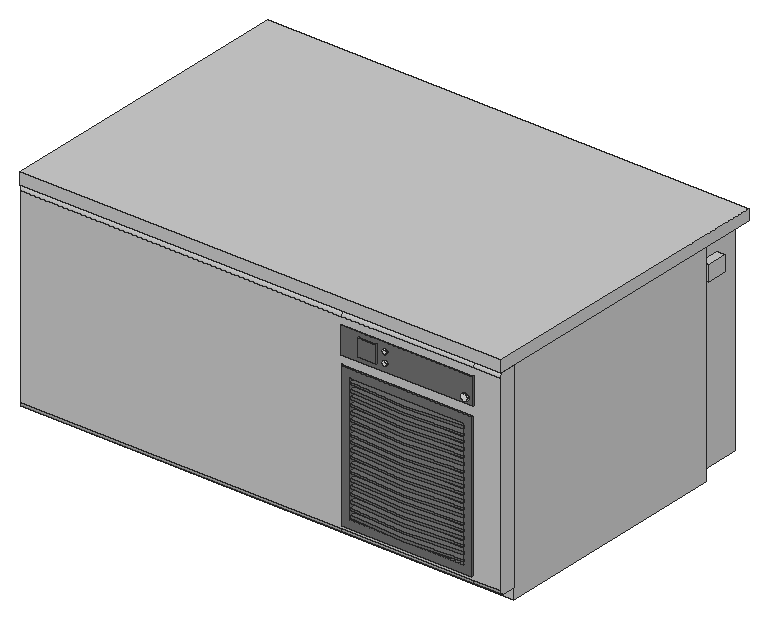
Revit family "QF_HOSHIZAKI_IM-240DWNE-21", category Specialty Equipment, Revit 2016
Family settings
  Part Type = Normal
  Round Connector Dimension = Use Diameter
  OmniClass Number = 23.40.40.14
  OmniClass Title = Food Service Equipment
  Work Plane-Based = No
  Always vertical = Yes
  Cut with Voids When Loaded = No
  Shared = No
  Room Calculation Point = No
Parameters (values of type "IM-240DWNE-21_230V/1Ph/50Hz")
  Weight = 88.00 kg
  Waste Remarks [instance] = ""
  Volts = 230 V
  URL Cutsheet = ""
  URL = "www.hoshizaki-europe.com"
  Status [instance] = ""
  Specification by User [instance] = ""
  Specification by Manufacturer [instance] = ""
  Serial Number = ""
  Seismic Rating = ""
  SMACNA No = ""
  Revision Code [instance] = ""
  Phase = 1
  Number of Poles = 2
  NAFEM Spec ID Number = ""
  Model = "IM-240DWNE-21"
  Min Ckt Ampacity = 0 A
  Max Overcurrent Protection = 0 A
  Masterspec = ""
  Manufacturer = "HOSHIZAKI"
  Length Actual = 1084 mm
  Item Number [instance] = ""
  Installed By [instance] = ""
  Indirect Waste Size = 19.05 mm
  Indirect Waste Connection Type [instance] = ""
  Indirect Waste Connection Height [instance] = 53 mm
  Identify Quantity as Lot [instance] = no
  Height Actual = 500 mm
  HP power = ""
  Furnished By [instance] = ""
  Foodservice Equipment Identifier [instance] = yes
  FL Amps = 20 A
  Electric power = 1330 W
  Electric Connection Type [instance] = ""
  Elec Conn RI Height [instance] = 0 mm
  Elec Conn Connection Height [instance] = 409 mm
  Direct Waste RI Height [instance] = 0 mm
  Description = "MODULAR IM ICE MAKER, 240KG PER 24 HOURS, EXTRA SMALL CUBE, MODULAR - HORIZONTAL, WATER COOLED"
  Depth Actual = 700 mm
  Cycle = 50 Hz
  Cost = 0
  Conn Plug = ""
  Conn Conduit = no
  Cold Water Temperature Recommended = 0 °C
  Cold Water Size = 19.05 mm
  Cold Water Flow = 0.0 L/s
  Cold Water Connection Height [instance] = 419 mm
  CSI MasterFormat = ""
  Assembly Code = "E1090320"
  Apparent Power = 1330 VA
  Accessory = no
Types (2, lengths in mm): name | Volts | Cycle
  IM-240DWNE-21_230V/1Ph/50Hz | 230 V | 50 Hz
  IM-240DWNE-21_240V/1Ph/60Hz | 240 V | 60 Hz
Reference planes
  plane 1 "Center (Front/Back)": y = 0
  plane 2: z = 0
  plane 3 "Center (Left/Right)": x = 0
Forms (mm)
  Extrusion 1, solid, not visible
    sketch origin (-16, -65, 418) x (1, 0, 0) y (0, 1, 0)
      loop
        line (0, 0) -> (2, 0) -> (2, 2) -> (0, 2) -> (0, 0)
    from 0 to 2
  Extrusion 2, solid, not visible
    sketch origin (-16, -213, 52) x (1, 0, 0) y (0, 1, 0)
      loop
        line (0, 0) -> (2, 0) -> (2, 2) -> (0, 2) -> (0, 0)
    from 0 to 2
  Extrusion 3, solid, not visible
    sketch origin (1073, -77, 408) x (1, 0, 0) y (0, 1, 0)
      loop
        line (0, 0) -> (2, 0) -> (2, 2) -> (0, 2) -> (0, 0)
    from 0 to 2
  Extrusion 4, solid, not visible
    sketch origin (-16, -65, 418) x (1, 0, 0) y (0, 1, 0)
      loop
        line (0, 0) -> (2, 0) -> (2, 2) -> (0, 2) -> (0, 0)
    from 0 to 2
  Extrusion 5, solid, not visible
    sketch origin (-16, -213, 52) x (1, 0, 0) y (0, 1, 0)
      loop
        line (0, 0) -> (2, 0) -> (2, 2) -> (0, 2) -> (0, 0)
    from 0 to 2
  Extrusion 6, solid, not visible
    sketch origin (1073, -77, 408) x (1, 0, 0) y (0, 1, 0)
      loop
        line (0, 0) -> (2, 0) -> (2, 2) -> (0, 2) -> (0, 0)
    from 0 to 2
Dimensions and locks
  aligned and locked: level to plane 2
Nested families
  nested 1: "QF_HOSHIZAKI_IM-240DWNE-21_230V_1Ph_50Hz" at (0, 0, 0), type "IM-240DWNE-21_230V/1Ph/50Hz"
    with Show Clearance yes
Connectors
  piping at (-15, -63, 419), diameter 19.05, driven by "Cold Water Size", driven by "Cold Water Flow"
    settings: on Extrusion 1, index 1, connector inside diameter 609.6 mm, connector length 0 mm, flow factor 0, pipe flow 0.0 L/s, pressure drop 0.0 Pa, fitting loss kfactor 0, connector angle 0.00°, fixture units 0, engagement length 0 mm, angle of deflection 0.00°, flow configuration 1, flow direction 1, fitting loss method 0, system type 20, joint type 0, gender type 0, connector reference index -1, connector utility 0, adjustable connector no, is connector primary yes, connector description "Cold Water connection for 'IM-240DWNE-21'"
  piping at (-15, -211, 53), diameter 19.05, driven by "Indirect Waste Size"
    settings: on Extrusion 2, index 2, connector inside diameter 609.6 mm, connector length 0 mm, flow factor 0, pipe flow 0.0 L/s, pressure drop 0.0 Pa, fitting loss kfactor 0, connector angle 0.00°, fixture units 0, engagement length 0 mm, angle of deflection 0.00°, flow configuration 1, flow direction 2, fitting loss method 0, system type 16, joint type 0, gender type 0, connector reference index -1, connector utility 0, adjustable connector no, is connector primary no, connector description "Drain connection for 'IM-240DWNE-21'"
  electrical at (1074, -75, 409), driven by "Apparent Power", driven by "Number of Poles", driven by "Volts"
    settings: on Extrusion 3, index 3, voltage 230 V, apparent load 0 VA, apparent load phase1 1330 VA, apparent load phase2 0 VA, apparent load phase3 0 VA, power factor 1, load classification "Other", number of poles 2, system type 31, power factor state 1, is connector primary yes, connector utility no, sub classification motor no, connector description "Electric connection for 'IM-240DWNE-21'"
  piping at (-15, -63, 419), diameter 19.05, driven by "Cold Water Size", driven by "Cold Water Flow"
    settings: on Extrusion 4, index 4, connector inside diameter 609.6 mm, connector length 0 mm, flow factor 0, pipe flow 0.0 L/s, pressure drop 0.0 Pa, fitting loss kfactor 0, connector angle 0.00°, fixture units 0, engagement length 0 mm, angle of deflection 0.00°, flow configuration 1, flow direction 1, fitting loss method 0, system type 20, joint type 0, gender type 0, connector reference index -1, connector utility 0, adjustable connector no, is connector primary no, connector description "Cold Water connection for 'IM-240DWNE-21'"
  piping at (-15, -211, 53), diameter 19.05, driven by "Indirect Waste Size"
    settings: on Extrusion 5, index 5, connector inside diameter 609.6 mm, connector length 0 mm, flow factor 0, pipe flow 0.0 L/s, pressure drop 0.0 Pa, fitting loss kfactor 0, connector angle 0.00°, fixture units 0, engagement length 0 mm, angle of deflection 0.00°, flow configuration 1, flow direction 2, fitting loss method 0, system type 16, joint type 0, gender type 0, connector reference index -1, connector utility 0, adjustable connector no, is connector primary no, connector description "Drain connection for 'IM-240DWNE-21'"
  electrical at (1074, -75, 409), driven by "Apparent Power", driven by "Number of Poles", driven by "Volts"
    settings: on Extrusion 6, index 6, voltage 230 V, apparent load 0 VA, apparent load phase1 1330 VA, apparent load phase2 0 VA, apparent load phase3 0 VA, power factor 1, load classification "Other", number of poles 2, system type 31, power factor state 1, is connector primary no, connector utility no, sub classification motor no, connector description "Electric connection for 'IM-240DWNE-21'"
Definition of nested family "QF_HOSHIZAKI_IM-240DWNE-21_230V_1Ph_50Hz"
  Parameters (values of type "IM-240DWNE-21_230V/1Ph/50Hz")
    Width = 1084 mm
    URL = "www.hoshizaki-europe.com"
    Show Clearance [instance] = yes
    Model = "IM-240DWNE-21"
    Manufacturer = "HOSHIZAKI"
    Height = 500 mm
    Description = "MODULAR IM ICE MAKER, 240KG PER 24 HOURS, EXTRA SMALL CUBE, MODULAR - HORIZONTAL, WATER COOLED"
    Depth = 700 mm
    Assembly Code = "E1090320"
  Types (31, lengths in mm): name | Width | Model | Height | Description | Depth
    IM-240DNE-HC | 1084 | "IM-240DNE-HC" | 500 | "EMERALD CLASS IM HYDROCARBON ICE MAKER, 210KG PER 24 HOURS, LARGE CUBE, MODULAR - HORIZONTAL" | 700
    IM-240XNE-HC | 1084 | "IM-240XNE-HC" | 500 | "EMERALD CLASS IM HYDROCARBON ICE MAKER, 210KG PER 24 HOURS, LARGE CUBE, MODULAR - EXTENSION" | 700
    IM-240DNE | 1084 | "IM-240DNE" | 500 | "MODULAR IM ICE MAKER, 240KG PER 24 HOURS, LARGE CUBE, MODULAR - HORIZONTAL" | 700
    IM-240DNE-21 | 1084 | "IM-240DNE-21" | 500 | "MODULAR IM ICE MAKER, 240KG PER 24 HOURS, EXTRA SMALL CUBE, MODULAR - HORIZONTAL" | 700
    IM-240DNE-23 | 1084 | "IM-240DNE-23" | 500 | "MODULAR IM ICE MAKER, 240KG PER 24 HOURS, MEDIUM CUBE, MODULAR - HORIZONTAL" | 700
    IM-240DNE-32 | 1084 | "IM-240DNE-32" | 500 | "MODULAR IM ICE MAKER, 240KG PER 24 HOURS, EXTRA LARGE CUBE, MODULAR - HORIZONTAL" | 700
    IM-240DSNE | 1084 | "IM-240DSNE" | 500 | "MODULAR IM ICE MAKER, 240KG PER 24 HOURS, LARGE CUBE, REMOTE CONDENSER" | 700
    IM-240DSNE-23 | 1084 | "IM-240DSNE-23" | 500 | "MODULAR IM ICE MAKER, 240KG PER 24 HOURS, MEDIUM CUBE, REMOTE CONDENSER" | 700
    IM-240DWNE | 1084 | "IM-240DWNE" | 500 | "MODULAR IM ICE MAKER, 240KG PER 24 HOURS, LARGE CUBE, MODULAR - HORIZONTAL, WATER COOLED" | 700
    IM-240DWNE-21_230V/1Ph/50Hz | 1084 | "IM-240DWNE-21" | 500 | "MODULAR IM ICE MAKER, 240KG PER 24 HOURS, EXTRA SMALL CUBE, MODULAR - HORIZONTAL, WATER COOLED" | 700
    IM-240DWNE-23 | 1084 | "IM-240DWNE-23" | 500 | "MODULAR IM ICE MAKER, 240KG PER 24 HOURS, MEDIUM CUBE, MODULAR - HORIZONTAL, WATER COOLED" | 700
    IM-240DWNE-32 | 1084 | "IM-240DWNE-32" | 500 | "MODULAR IM ICE MAKER, 240KG PER 24 HOURS, EXTRA LARGE CUBE, MODULAR - HORIZONTAL, WATER COOLED" | 700
    IM-240XNE | 1084 | "IM-240XNE" | 500 | "MODULAR IM ICE MAKER, 240KG PER 24 HOURS, LARGE CUBE, MODULAR - EXTENSION" | 700
    IM-240XNE-21 | 1084 | "IM-240XNE-21" | 500 | "MODULAR IM ICE MAKER, 240KG PER 24 HOURS, EXTRA SMALL CUBE, MODULAR - EXTENSION" | 700
    IM-240XNE-23 | 1084 | "IM-240XNE-23" | 500 | "MODULAR IM ICE MAKER, 240KG PER 24 HOURS, MEDIUM CUBE, MODULAR - EXTENSION" | 700
    IM-240XNE-32 | 1084 | "IM-240XNE-32" | 500 | "MODULAR IM ICE MAKER, 240KG PER 24 HOURS, EXTRA LARGE CUBE, MODULAR - EXTENSION" | 700
    IM-240XSNE | 1084 | "IM-240XSNE" | 500 | "MODULAR IM ICE MAKER, 240KG PER 24 HOURS, LARGE CUBE, MODULAR - EXTENSION, REMOTE CONDENSER" | 700
    IM-240XSNE-23 | 1084 | "IM-240XSNE-23" | 500 | "MODULAR IM ICE MAKER, 240KG PER 24 HOURS, MEDIUM CUBE, MODULAR - EXTENSION, REMOTE CONDENSER" | 700
    IM-240XWNE | 1084 | "IM-240XWNE" | 500 | "MODULAR IM ICE MAKER, 240KG PER 24 HOURS, LARGE CUBE, MODULAR - EXTENSION, WATER COOLED" | 700
    IM-240XWNE-21 | 1084 | "IM-240XWNE-21" | 500 | "MODULAR IM ICE MAKER, 240KG PER 24 HOURS, EXTRA SMALL CUBE, MODULAR - EXTENSION, WATER COOLED" | 700
    IM-240XWNE-23 | 1084 | "IM-240XWNE-23" | 500 | "MODULAR IM ICE MAKER, 240KG PER 24 HOURS, MEDIUM CUBE, MODULAR - EXTENSION, WATER COOLED" | 700
    IM-240XWNE-32 | 1084 | "IM-240XWNE-32" | 500 | "MODULAR IM ICE MAKER, 240KG PER 24 HOURS, EXTRA LARGE CUBE, MODULAR - EXTENSION, WATER COOLED" | 700
    IM-240DNE-C | 1084 | "IM-240DNE-C" | 500 | "IM CYLINDER ICE MAKER, 240KG PER 24 HOURS, CYLINDER ICE, MODULAR - HORIZONTAL" | 700
    IM-240DWNE-C | 1084 | "IM-240DWNE-C" | 500 | "IM CYLINDER ICE MAKER, 240KG PER 24 HOURS, CYLINDER ICE, MODULAR - HORIZONTAL, WATER COOLED" | 700
    IM-240XNE-C | 1084 | "IM-240XNE-C" | 500 | "IM CYLINDER ICE MAKER, 240KG PER 24 HOURS, CYLINDER ICE, MODULAR - EXTENSION" | 700
    IM-240XWNE-C | 1084 | "IM-240XWNE-C" | 500 | "IM CYLINDER ICE MAKER, 240KG PER 24 HOURS, CYLINDER ICE, MODULAR - EXTENSION, WATER COOLED" | 700
    IM-240DNE-HC-23 | 1084 | "IM-240DNE-HC-23" | 500 | "EMERALD CLASS IM HYDROCARBON ICE MAKER, 180KG PER 24 HOURS, MEDIUM CUBE, MODULAR - EXTENSION" | 700
    IM-240DNE-HC-32 | 1084 | "IM-240DNE-HC-32" | 500 | "EMERALD CLASS IM HYDROCARBON ICE MAKER, 190KG PER 24 HOURS, EXTRA LARGE CUBE, MODULAR - EXTENSION" | 700
    IM-240XNE-HC-23 | 1082 | "IM-240XNE-HC-23" | 485 | "EMERALD CLASS IM HYDROCARBON ICE MAKER, 180KG PER 24 HOURS, MEDIUM CUBE, MODULAR - EXTENSION" | 697
    IM-240XNE-HC-32 | 1082 | "IM-240XNE-HC-32" | 485 | "EMERALD CLASS IM HYDROCARBON ICE MAKER, 190KG PER 24 HOURS, EXTRA LARGE CUBE, MODULAR - EXTENSION" | 697
    IM-240DNE-HC-21 | 1084 | "IM-240DNE-HC-21" | 500 | "EMERALD CLASS IM HYDROCARBON ICE MAKER, 205KG PER 24 HOURS, EXTRA SMALL CUBE, MODULAR - EXTENSION" | 700
  Reference planes
    plane 1 "Back": y = 0
    plane 2: z = 0
    plane 3 "Left": x = 0
    plane 4 "Right": x = 1084
    plane 5 "Front": y = -700
    plane 6 "Top": z = 500
    plane 7: y = -702
    plane 8: z = 488
  Forms (mm)
    Extrusion 1, solid
      sketch origin (166.25, -249, 193) x (0, 1, 0) y (0, 0, 1)
        loop
          line (-414, -170) -> (-414, 280) -> (-441, 280)
          arc (-441, 280) -> (-448.071, 277.071) -> (-451, 270) r 10
          line (-451, 270) -> (-451, -160)
          arc (-451, -160) -> (-448.071, -167.071) -> (-441, -170) r 10
          line (-441, -170) -> (-414, -170)
      from 559.75 to -166.25
    Extrusion 2, solid
      sketch origin (-20, -211, 53) x (0, 1, 0) y (0, 0, 1)
        loop
          circle (0, 0) r 14
        loop
          circle (0, 0) r 12
      from 0 to 20
    Extrusion 3, solid
      sketch origin (-16, -63, 419) x (0, 1, 0) y (0, 0, 1)
        loop
          circle (0, 0) r 14
        loop
          circle (0, 0) r 12
      from 0 to 16
    Extrusion 4, solid
      sketch origin (1024, -249, 193) x (0, 1, 0) y (0, 0, 1)
        loop
          line (-414, -170) -> (-414, 280) -> (-441, 280)
          arc (-441, 280) -> (-448.071, 277.071) -> (-451, 270) r 10
          line (-451, 270) -> (-451, -160)
          arc (-451, -160) -> (-448.071, -167.071) -> (-441, -170) r 10
          line (-441, -170) -> (-414, -170)
      from 0 to 60
    Extrusion 5, solid
      sketch origin (726, -249, 193) x (0, 1, 0) y (0, 0, 1)
        loop
          line (-414, -170) -> (-414, -153) -> (-451, -153) -> (-451, -160)
          arc (-451, -160) -> (-448.071, -167.071) -> (-441, -170) r 10
          line (-441, -170) -> (-414, -170)
        loop
          line (-451, 270) -> (-451, 174) -> (-414, 174) -> (-414, 280) -> (-441, 280)
          arc (-441, 280) -> (-448.071, 277.071) -> (-451, 270) r 10
      from 0 to 298
    Extrusion 6, solid
      sketch origin (568.75, -852, 28) x (1, 0, 0) y (0, 0, 1)
        loop
          line (159.25, 337) -> (159.25, 14) -> (453.25, 14) -> (453.25, 337) -> (159.25, 337)
        loop
          line (177.25, 319) -> (177.25, 32) -> (435.25, 32) -> (435.25, 319) -> (177.25, 319)
      from -150 to -160
    Extrusion 7, solid
      sketch origin (568.75, -249, 170) x (1, 0, 0) y (0, 1, 0)
        loop
          line (177.25, -443) -> (177.25, -454.474)
          arc (177.25, -454.474) -> (306.295, -461.632) -> (435.25, -453) r 1057.927
          line (435.25, -453) -> (435.25, -443) -> (177.25, -443)
      from 0 to 5
    Extrusion 8, solid
      sketch origin (568.75, -249, 185) x (1, 0, 0) y (0, 1, 0)
        loop
          line (177.25, -443) -> (177.25, -454.474)
          arc (177.25, -454.474) -> (306.295, -461.632) -> (435.25, -453) r 1057.927
          line (435.25, -453) -> (435.25, -443) -> (177.25, -443)
      from 0 to 5
    Extrusion 9, solid
      sketch origin (568.75, -249, 200) x (1, 0, 0) y (0, 1, 0)
        loop
          line (177.25, -443) -> (177.25, -454.474)
          arc (177.25, -454.474) -> (306.295, -461.632) -> (435.25, -453) r 1057.927
          line (435.25, -453) -> (435.25, -443) -> (177.25, -443)
      from 0 to 5
    Extrusion 10, solid
      sketch origin (568.75, -249, 215) x (1, 0, 0) y (0, 1, 0)
        loop
          line (177.25, -443) -> (177.25, -454.474)
          arc (177.25, -454.474) -> (306.295, -461.632) -> (435.25, -453) r 1057.927
          line (435.25, -453) -> (435.25, -443) -> (177.25, -443)
      from 0 to 5
    Extrusion 11, solid
      sketch origin (568.75, -249, 230) x (1, 0, 0) y (0, 1, 0)
        loop
          line (177.25, -443) -> (177.25, -454.474)
          arc (177.25, -454.474) -> (306.295, -461.632) -> (435.25, -453) r 1057.927
          line (435.25, -453) -> (435.25, -443) -> (177.25, -443)
      from 0 to 5
    Extrusion 12, solid
      sketch origin (568.75, -249, 245) x (1, 0, 0) y (0, 1, 0)
        loop
          line (177.25, -443) -> (177.25, -454.474)
          arc (177.25, -454.474) -> (306.295, -461.632) -> (435.25, -453) r 1057.927
          line (435.25, -453) -> (435.25, -443) -> (177.25, -443)
      from 0 to 5
    Extrusion 13, solid
      sketch origin (568.75, -249, 260) x (1, 0, 0) y (0, 1, 0)
        loop
          line (177.25, -443) -> (177.25, -454.474)
          arc (177.25, -454.474) -> (306.295, -461.632) -> (435.25, -453) r 1057.927
          line (435.25, -453) -> (435.25, -443) -> (177.25, -443)
      from 0 to 5
    Extrusion 14, solid
      sketch origin (568.75, -249, 275) x (1, 0, 0) y (0, 1, 0)
        loop
          line (177.25, -443) -> (177.25, -454.474)
          arc (177.25, -454.474) -> (306.295, -461.632) -> (435.25, -453) r 1057.927
          line (435.25, -453) -> (435.25, -443) -> (177.25, -443)
      from 0 to 5
    Extrusion 15, solid
      sketch origin (568.75, -249, 290) x (1, 0, 0) y (0, 1, 0)
        loop
          line (177.25, -443) -> (177.25, -454.474)
          arc (177.25, -454.474) -> (306.295, -461.632) -> (435.25, -453) r 1057.927
          line (435.25, -453) -> (435.25, -443) -> (177.25, -443)
      from 0 to 5
    Extrusion 16, solid
      sketch origin (568.75, -249, 305) x (1, 0, 0) y (0, 1, 0)
        loop
          line (177.25, -443) -> (177.25, -454.474)
          arc (177.25, -454.474) -> (306.295, -461.632) -> (435.25, -453) r 1057.927
          line (435.25, -453) -> (435.25, -443) -> (177.25, -443)
      from 0 to 5
    Extrusion 17, solid
      sketch origin (568.75, -249, 320) x (1, 0, 0) y (0, 1, 0)
        loop
          line (177.25, -443) -> (177.25, -454.474)
          arc (177.25, -454.474) -> (306.295, -461.632) -> (435.25, -453) r 1057.927
          line (435.25, -453) -> (435.25, -443) -> (177.25, -443)
      from 0 to 5
    Extrusion 18, solid
      sketch origin (568.75, -249, 335) x (1, 0, 0) y (0, 1, 0)
        loop
          line (177.25, -443) -> (177.25, -454.474)
          arc (177.25, -454.474) -> (306.295, -461.632) -> (435.25, -453) r 1057.927
          line (435.25, -453) -> (435.25, -443) -> (177.25, -443)
      from 0 to 5
    Extrusion 19, solid
      sketch origin (568.75, -249, 110) x (1, 0, 0) y (0, 1, 0)
        loop
          line (177.25, -443) -> (177.25, -454.474)
          arc (177.25, -454.474) -> (306.295, -461.632) -> (435.25, -453) r 1057.927
          line (435.25, -453) -> (435.25, -443) -> (177.25, -443)
      from 0 to 5
    Extrusion 20, solid
      sketch origin (568.75, -249, 125) x (1, 0, 0) y (0, 1, 0)
        loop
          line (177.25, -443) -> (177.25, -454.474)
          arc (177.25, -454.474) -> (306.295, -461.632) -> (435.25, -453) r 1057.927
          line (435.25, -453) -> (435.25, -443) -> (177.25, -443)
      from 0 to 5
    Extrusion 21, solid
      sketch origin (568.75, -249, 140) x (1, 0, 0) y (0, 1, 0)
        loop
          line (177.25, -443) -> (177.25, -454.474)
          arc (177.25, -454.474) -> (306.295, -461.632) -> (435.25, -453) r 1057.927
          line (435.25, -453) -> (435.25, -443) -> (177.25, -443)
      from 0 to 5
    Extrusion 22, solid
      sketch origin (568.75, -249, 155) x (1, 0, 0) y (0, 1, 0)
        loop
          line (177.25, -443) -> (177.25, -454.474)
          arc (177.25, -454.474) -> (306.295, -461.632) -> (435.25, -453) r 1057.927
          line (435.25, -453) -> (435.25, -443) -> (177.25, -443)
      from 0 to 5
    Extrusion 23, solid
      sketch origin (568.75, -249, 65) x (1, 0, 0) y (0, 1, 0)
        loop
          line (177.25, -443) -> (177.25, -454.474)
          arc (177.25, -454.474) -> (306.295, -461.632) -> (435.25, -453) r 1057.927
          line (435.25, -453) -> (435.25, -443) -> (177.25, -443)
      from 0 to 5
    Extrusion 24, solid
      sketch origin (568.75, -249, 80) x (1, 0, 0) y (0, 1, 0)
        loop
          line (177.25, -443) -> (177.25, -454.474)
          arc (177.25, -454.474) -> (306.295, -461.632) -> (435.25, -453) r 1057.927
          line (435.25, -453) -> (435.25, -443) -> (177.25, -443)
      from 0 to 5
    Extrusion 25, solid
      sketch origin (568.75, -249, 95) x (1, 0, 0) y (0, 1, 0)
        loop
          line (177.25, -443) -> (177.25, -454.474)
          arc (177.25, -454.474) -> (306.295, -461.632) -> (435.25, -453) r 1057.927
          line (435.25, -453) -> (435.25, -443) -> (177.25, -443)
      from 0 to 5
    Extrusion 26, solid
      sketch origin (0, -700, -10) x (1, 0, 0) y (0, 0, 1)
        loop
          line (726, 397) -> (1024, 397) -> (1024, 457) -> (726, 457) -> (726, 397)
      from 0 to 2
    Extrusion 27, solid
      sketch origin (0, -702, 0) x (1, 0, 0) y (0, 0, 1)
        loop
          line (766.139, 436.277) -> (766.139, 396.277) -> (806.139, 396.277) -> (806.139, 436.277) -> (766.139, 436.277)
      from 0 to 2
    Extrusion 28, solid
      sketch origin (0, -702, 0) x (1, 0, 0) y (0, 0, 1)
        loop
          circle (825.63, 428.086) r 5
        loop
          circle (825.63, 404.468) r 5
      from 0 to 2
    Extrusion 29, solid
      sketch origin (0, -702, 0) x (1, 0, 0) y (0, 0, 1)
        loop
          circle (1006.481, 399.95) r 7.5
      from 3 to 0
    Extrusion 30, solid
      sketch origin (0, 0, 0) x (1, 0, 0) y (0, 1, 0)
        loop
          line (0, 0) -> (0, -663) -> (1084, -663) -> (1084, -120) -> (1054, -120) -> (1054, 0) -> (0, 0)
      from 0 to 475
    Extrusion 31, solid
      sketch origin (0, 0, 0) x (1, 0, 0) y (0, 1, 0)
        loop
          line (0, 0) -> (0, -700) -> (1084, -700) -> (1084, 0) -> (0, 0)
      from 500 to 475
    Extrusion 32, solid
      sketch origin (1254, 1.923, 57.766) x (0, 1, 0) y (0, 0, 1)
        loop
          line (-101.026, 368.734) -> (-101.026, 333.734) -> (-54.923, 333.734) -> (-54.923, 368.734) -> (-101.026, 368.734)
      from -180 to -200
  Cuts and joins
    joined: Extrusion 1, Extrusion 4, Extrusion 5
  Lines and regions (mm)
    symbolic lines
      curve 1: line (0, 0, 0) -> (1084, 0, 0)
      curve 2: line (0, -700, 0) -> (0, 0, 0)
      curve 3: line (1084, -700, 0) -> (0, -700, 0)
      curve 4: line (1084, 0, 0) -> (1084, -700, 0)
      curve 5: line (-16, -49, 0) -> (0, -49, 0)
      curve 6: line (-16, -49, 0) -> (-16, -77, 0)
      curve 7: line (-16, -77, 0) -> (0, -77, 0)
      curve 8: line (-20, -197, 0) -> (0, -197, 0)
      curve 9: line (-20, -197, 0) -> (-20, -225, 0)
      curve 10: line (-20, -225, 0) -> (0, -225, 0)
  Dimensions and locks
    plane 5 "Front" to Extrusion 30 = 700 mm
    locked: Extrusion 30 sketch curve to curve 4 at 30
    locked: Extrusion 30 to Extrusion 32 at 20
    "Width": plane 4 "Right" to plane 3 "Left"
    locked: Extrusion 28 to Extrusion 27 at 2
    locked: plane 5 "Front" to Extrusion 26 at 2
    Extrusion 29 to Extrusion 28 = 0 mm
    locked: plane 5 "Front" to Extrusion 6 at 8
    locked: plane 7 to plane 5 "Front" at 2
    "Depth": plane 5 "Front" to plane 1 "Back"
    locked: plane 5 "Front" to Extrusion 29 at 5
    locked: Extrusion 31 to plane 6 "Top" at 25
    cut or joined group of Extrusion 1, Extrusion 4, Extrusion 5 to plane 8 to plane 6 "Top" = 15 mm, 12 mm
    "Height": plane 6 "Top" to level
    aligned and locked: level to plane 2
    aligned and locked: Extrusion 31 to plane 4 "Right"
    aligned and locked: Extrusion 32 to Extrusion 30
    aligned and locked: Extrusion 4 to plane 4 "Right"
    aligned and locked: Extrusion 4 to Extrusion 5  (x2)
    aligned and locked: plane 4 "Right" to curve 4
    aligned and locked: Extrusion 31 to plane 5 "Front"
    aligned and locked: Extrusion 1 sketch curve to plane 5 "Front"
    aligned and locked: Extrusion 27 to Extrusion 26
    aligned and locked: plane 5 "Front" to Extrusion 26
    aligned and locked: Extrusion 28 to Extrusion 26
    aligned and locked: plane 7 to Extrusion 6
    aligned and locked: Extrusion 29 to Extrusion 26
    aligned and locked: plane 6 "Top" to Extrusion 31
    aligned and locked: Extrusion 30 to Extrusion 31
  Automatic sketch dimensions
    Extrusion 2 sketch curve to Extrusion 2 sketch curve = 0 mm  (x2)
    level to Extrusion 2 sketch curve = 53 mm
    plane 1 "Back" to Extrusion 2 sketch curve = 211 mm
    Extrusion 3 sketch curve to Extrusion 3 sketch curve = 0 mm  (x2)
    plane 1 "Back" to Extrusion 3 sketch curve = 63 mm
    Extrusion 3 sketch curve to plane 6 "Top" = 81 mm
    Extrusion 4 sketch curve to plane 5 "Front" = 0 mm
    Extrusion 4 sketch curve to Extrusion 4 sketch curve = 10 mm
    plane 5 "Front" to Extrusion 4 sketch curve = 10 mm
    Extrusion 4 sketch curve to Extrusion 4 sketch curve = 27 mm
    level to Extrusion 4 sketch curve = 23 mm
    Extrusion 4 sketch curve to plane 6 "Top" = 37 mm
    Extrusion 5 sketch curve to plane 5 "Front" = 0 mm  (x2)
    plane 5 "Front" to Extrusion 5 sketch curve = 10 mm  (x2)
    Extrusion 5 sketch curve to Extrusion 5 sketch curve = 27 mm  (x2)
    level to Extrusion 5 sketch curve = 23 mm
    Extrusion 5 sketch curve to Extrusion 5 sketch curve = 7 mm
    Extrusion 5 sketch curve to plane 6 "Top" = 133 mm
    Extrusion 5 sketch curve to plane 6 "Top" = 37 mm
    level to Extrusion 6 sketch curve = 42 mm
    plane 4 "Right" to Extrusion 6 sketch curve = 356 mm
    Extrusion 6 sketch curve to Extrusion 6 sketch curve = 18 mm  (x4)
    plane 4 "Right" to Extrusion 6 sketch curve = 80 mm
    Extrusion 6 sketch curve to plane 6 "Top" = 153 mm
    plane 5 "Front" to Extrusion 7 sketch curve = 8 mm
    plane 4 "Right" to Extrusion 7 sketch curve = 338 mm
    plane 4 "Right" to Extrusion 7 sketch curve = 215 mm
    plane 4 "Right" to Extrusion 7 sketch curve = 80 mm
    Extrusion 7 sketch curve to plane 5 "Front" = 2 mm
    Extrusion 7 sketch curve to Extrusion 7 sketch curve = 11.474 mm
    plane 5 "Front" to Extrusion 8 sketch curve = 8 mm
    plane 4 "Right" to Extrusion 8 sketch curve = 338 mm
    plane 4 "Right" to Extrusion 8 sketch curve = 215 mm
    plane 4 "Right" to Extrusion 8 sketch curve = 80 mm
    Extrusion 8 sketch curve to plane 5 "Front" = 2 mm
    Extrusion 8 sketch curve to Extrusion 8 sketch curve = 11.474 mm
    plane 5 "Front" to Extrusion 9 sketch curve = 8 mm
    plane 4 "Right" to Extrusion 9 sketch curve = 338 mm
    plane 4 "Right" to Extrusion 9 sketch curve = 215 mm
    plane 4 "Right" to Extrusion 9 sketch curve = 80 mm
    Extrusion 9 sketch curve to plane 5 "Front" = 2 mm
    Extrusion 9 sketch curve to Extrusion 9 sketch curve = 11.474 mm
    plane 5 "Front" to Extrusion 10 sketch curve = 8 mm
    plane 4 "Right" to Extrusion 10 sketch curve = 338 mm
    plane 4 "Right" to Extrusion 10 sketch curve = 215 mm
    plane 4 "Right" to Extrusion 10 sketch curve = 80 mm
    Extrusion 10 sketch curve to plane 5 "Front" = 2 mm
    Extrusion 10 sketch curve to Extrusion 10 sketch curve = 11.474 mm
    plane 5 "Front" to Extrusion 11 sketch curve = 8 mm
    plane 4 "Right" to Extrusion 11 sketch curve = 338 mm
    plane 4 "Right" to Extrusion 11 sketch curve = 215 mm
    plane 4 "Right" to Extrusion 11 sketch curve = 80 mm
    Extrusion 11 sketch curve to plane 5 "Front" = 2 mm
    Extrusion 11 sketch curve to Extrusion 11 sketch curve = 11.474 mm
    plane 5 "Front" to Extrusion 12 sketch curve = 8 mm
    plane 4 "Right" to Extrusion 12 sketch curve = 338 mm
    plane 4 "Right" to Extrusion 12 sketch curve = 215 mm
    plane 4 "Right" to Extrusion 12 sketch curve = 80 mm
    Extrusion 12 sketch curve to plane 5 "Front" = 2 mm
    Extrusion 12 sketch curve to Extrusion 12 sketch curve = 11.474 mm
    plane 5 "Front" to Extrusion 13 sketch curve = 8 mm
    plane 4 "Right" to Extrusion 13 sketch curve = 338 mm
    plane 4 "Right" to Extrusion 13 sketch curve = 215 mm
    plane 4 "Right" to Extrusion 13 sketch curve = 80 mm
    Extrusion 13 sketch curve to plane 5 "Front" = 2 mm
    Extrusion 13 sketch curve to Extrusion 13 sketch curve = 11.474 mm
    plane 5 "Front" to Extrusion 14 sketch curve = 8 mm
    plane 4 "Right" to Extrusion 14 sketch curve = 338 mm
    plane 4 "Right" to Extrusion 14 sketch curve = 215 mm
    plane 4 "Right" to Extrusion 14 sketch curve = 80 mm
    Extrusion 14 sketch curve to plane 5 "Front" = 2 mm
    Extrusion 14 sketch curve to Extrusion 14 sketch curve = 11.474 mm
    plane 5 "Front" to Extrusion 15 sketch curve = 8 mm
    plane 4 "Right" to Extrusion 15 sketch curve = 338 mm
    plane 4 "Right" to Extrusion 15 sketch curve = 215 mm
    plane 4 "Right" to Extrusion 15 sketch curve = 80 mm
    Extrusion 15 sketch curve to plane 5 "Front" = 2 mm
    Extrusion 15 sketch curve to Extrusion 15 sketch curve = 11.474 mm
    plane 5 "Front" to Extrusion 16 sketch curve = 8 mm
    plane 4 "Right" to Extrusion 16 sketch curve = 338 mm
    plane 4 "Right" to Extrusion 16 sketch curve = 215 mm
    plane 4 "Right" to Extrusion 16 sketch curve = 80 mm
    Extrusion 16 sketch curve to plane 5 "Front" = 2 mm
    Extrusion 16 sketch curve to Extrusion 16 sketch curve = 11.474 mm
    plane 5 "Front" to Extrusion 17 sketch curve = 8 mm
    plane 4 "Right" to Extrusion 17 sketch curve = 338 mm
    plane 4 "Right" to Extrusion 17 sketch curve = 215 mm
    plane 4 "Right" to Extrusion 17 sketch curve = 80 mm
    Extrusion 17 sketch curve to plane 5 "Front" = 2 mm
    Extrusion 17 sketch curve to Extrusion 17 sketch curve = 11.474 mm
    plane 5 "Front" to Extrusion 18 sketch curve = 8 mm
    plane 4 "Right" to Extrusion 18 sketch curve = 338 mm
    plane 4 "Right" to Extrusion 18 sketch curve = 215 mm
    plane 4 "Right" to Extrusion 18 sketch curve = 80 mm
    Extrusion 18 sketch curve to plane 5 "Front" = 2 mm
    Extrusion 18 sketch curve to Extrusion 18 sketch curve = 11.474 mm
    plane 5 "Front" to Extrusion 19 sketch curve = 8 mm
    plane 4 "Right" to Extrusion 19 sketch curve = 338 mm
    plane 4 "Right" to Extrusion 19 sketch curve = 215 mm
    plane 4 "Right" to Extrusion 19 sketch curve = 80 mm
    Extrusion 19 sketch curve to plane 5 "Front" = 2 mm
    Extrusion 19 sketch curve to Extrusion 19 sketch curve = 11.474 mm
    plane 5 "Front" to Extrusion 20 sketch curve = 8 mm
    plane 4 "Right" to Extrusion 20 sketch curve = 338 mm
    plane 4 "Right" to Extrusion 20 sketch curve = 215 mm
    plane 4 "Right" to Extrusion 20 sketch curve = 80 mm
    Extrusion 20 sketch curve to plane 5 "Front" = 2 mm
    Extrusion 20 sketch curve to Extrusion 20 sketch curve = 11.474 mm
    plane 5 "Front" to Extrusion 21 sketch curve = 8 mm
    plane 4 "Right" to Extrusion 21 sketch curve = 338 mm
    plane 4 "Right" to Extrusion 21 sketch curve = 215 mm
    plane 4 "Right" to Extrusion 21 sketch curve = 80 mm
    Extrusion 21 sketch curve to plane 5 "Front" = 2 mm
    Extrusion 21 sketch curve to Extrusion 21 sketch curve = 11.474 mm
    plane 5 "Front" to Extrusion 22 sketch curve = 8 mm
    plane 4 "Right" to Extrusion 22 sketch curve = 338 mm
    plane 4 "Right" to Extrusion 22 sketch curve = 215 mm
    plane 4 "Right" to Extrusion 22 sketch curve = 80 mm
    Extrusion 22 sketch curve to plane 5 "Front" = 2 mm
    Extrusion 22 sketch curve to Extrusion 22 sketch curve = 11.474 mm
    plane 5 "Front" to Extrusion 23 sketch curve = 8 mm
    plane 4 "Right" to Extrusion 23 sketch curve = 338 mm
    plane 4 "Right" to Extrusion 23 sketch curve = 215 mm
    plane 4 "Right" to Extrusion 23 sketch curve = 80 mm
    Extrusion 23 sketch curve to plane 5 "Front" = 2 mm
    Extrusion 23 sketch curve to Extrusion 23 sketch curve = 11.474 mm
    plane 5 "Front" to Extrusion 24 sketch curve = 8 mm
    plane 4 "Right" to Extrusion 24 sketch curve = 338 mm
    plane 4 "Right" to Extrusion 24 sketch curve = 215 mm
    plane 4 "Right" to Extrusion 24 sketch curve = 80 mm
    Extrusion 24 sketch curve to plane 5 "Front" = 2 mm
    Extrusion 24 sketch curve to Extrusion 24 sketch curve = 11.474 mm
    plane 5 "Front" to Extrusion 25 sketch curve = 8 mm
    plane 4 "Right" to Extrusion 25 sketch curve = 338 mm
    plane 4 "Right" to Extrusion 25 sketch curve = 215 mm
    plane 4 "Right" to Extrusion 25 sketch curve = 80 mm
    Extrusion 25 sketch curve to plane 5 "Front" = 2 mm
    Extrusion 25 sketch curve to Extrusion 25 sketch curve = 11.474 mm
    Extrusion 26 sketch curve to plane 6 "Top" = 53 mm
    plane 4 "Right" to Extrusion 26 sketch curve = 358 mm
    plane 4 "Right" to Extrusion 26 sketch curve = 60 mm
    Extrusion 26 sketch curve to Extrusion 26 sketch curve = 60 mm
    Extrusion 27 sketch curve to plane 6 "Top" = 103.723 mm
    plane 4 "Right" to Extrusion 27 sketch curve = 317.861 mm
    Extrusion 27 sketch curve to Extrusion 27 sketch curve = 40 mm  (x2)
    Extrusion 28 sketch curve to plane 6 "Top" = 95.532 mm
    plane 4 "Right" to Extrusion 28 sketch curve = 258.37 mm
    Extrusion 28 sketch curve to Extrusion 28 sketch curve = 0 mm
    Extrusion 28 sketch curve to Extrusion 28 sketch curve = 23.618 mm
    plane 4 "Right" to Extrusion 29 sketch curve = 77.519 mm
    Extrusion 29 sketch curve to plane 6 "Top" = 100.05 mm
    Extrusion 30 sketch curve to plane 3 "Left" = 0 mm
    Extrusion 30 sketch curve to plane 4 "Right" = 0 mm
    plane 1 "Back" to Extrusion 30 sketch curve = 0 mm
    plane 1 "Back" to Extrusion 30 sketch curve = 120 mm
    plane 5 "Front" to Extrusion 30 sketch curve = 37 mm
    Extrusion 31 sketch curve to plane 3 "Left" = 0 mm
    Extrusion 31 sketch curve to plane 4 "Right" = 0 mm
    Extrusion 31 sketch curve to plane 5 "Front" = 0 mm
    plane 1 "Back" to Extrusion 31 sketch curve = 0 mm
    plane 1 "Back" to Extrusion 32 sketch curve = 99.103 mm
    Extrusion 32 sketch curve to Extrusion 32 sketch curve = 46.103 mm
    Extrusion 32 sketch curve to plane 6 "Top" = 108.5 mm
    Extrusion 32 sketch curve to Extrusion 32 sketch curve = 35 mm
    curve 5 to plane 3 "Left" = 0 mm
    curve 3 to plane 5 "Front" = 0 mm
    plane 1 "Back" to curve 2 = 0 mm
    curve 6 to plane 3 "Left" = 16 mm
    curve 8 to plane 3 "Left" = 20 mm
    plane 1 "Back" to curve 9 = 225 mm
    curve 9 to curve 9 = 28 mm
    plane 1 "Back" to curve 6 = 77 mm
    curve 6 to curve 5 = 28 mm
    plane 5 "Front" to Extrusion 1 sketch curve = 10 mm  (x2)
    Extrusion 1 sketch curve to Extrusion 1 sketch curve = 27 mm
    level to Extrusion 1 sketch curve = 23 mm
    Extrusion 1 sketch curve to plane 6 "Top" = 37 mm
    radius of Extrusion 2 sketch curve = 14 mm
    radius of Extrusion 2 sketch curve = 12 mm
    radius of Extrusion 3 sketch curve = 14 mm
    radius of Extrusion 3 sketch curve = 12 mm
    radius of Extrusion 28 sketch curve = 5 mm  (x2)
    radius of Extrusion 29 sketch curve = 7.5 mm
  Connectors
    piping at (-20, -211, 53), diameter 19.05
      settings: on Extrusion 2, index 1, connector inside diameter 609.6 mm, connector length 0 mm, flow factor 0, pipe flow 0.0 L/s, pressure drop 0.0 Pa, fitting loss kfactor 0, connector angle 0.00°, fixture units 0, engagement length 0 mm, angle of deflection 0.00°, flow configuration 1, flow direction 2, fitting loss method 0, system type 16, joint type 0, gender type 0, connector reference index -1, connector utility 0, adjustable connector no, is connector primary yes, connector description "Indirect Waste Connection"
    piping at (-16, -63, 419), diameter 19.05
      settings: on Extrusion 3, index 3, connector inside diameter 609.6 mm, connector length 0 mm, flow factor 0, pipe flow 0.0 L/s, pressure drop 0.0 Pa, fitting loss kfactor 0, connector angle 0.00°, fixture units 0, engagement length 0 mm, angle of deflection 0.00°, flow configuration 1, flow direction 1, fitting loss method 0, system type 20, joint type 0, gender type 0, connector reference index -1, connector utility 0, adjustable connector no, is connector primary no, connector description "Cold Water Connection"
    electrical at (1064, -53, 409)
      settings: on Extrusion 32, index 4, voltage 230 V, apparent load 0 VA, apparent load phase1 930 VA, apparent load phase2 0 VA, apparent load phase3 0 VA, power factor 1, load classification none, number of poles 1, system type 31, power factor state 1, is connector primary yes, connector utility no, sub classification motor no, connector description "Electrical Connection"
